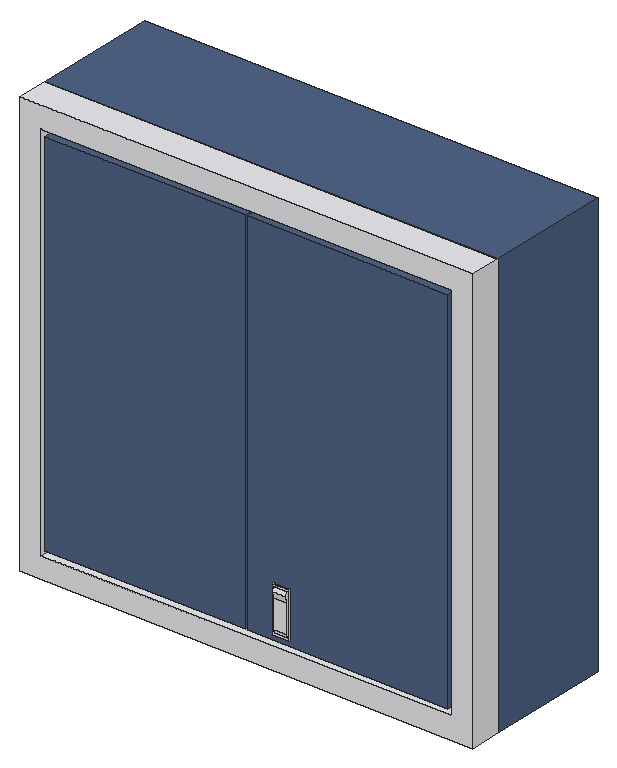
Revit family "Cabinet_Overhead-Wall_Cabinet_Moduline", category Furniture, Revit 2024
Family settings
  OmniClass Number = 23.40.20.00
  OmniClass Title = General Furniture and Specialties
  Work Plane-Based = No
  Enable Cutting in Views = No
  Always vertical = Yes
  Cut with Voids When Loaded = No
  Render Appearance Source = Family Geometry
  Shared = No
  Room Calculation Point = No
Parameters (values of type "30"H x 11"D x 32"W")
  Width = 32.000"
  URL = "https://modulinecabinets.com"
  Product Page URL = "https://www.arcat.com/company/moduline-aluminum-cabinets-54175"
  Model = "Pro II Overhead Wall Cabinets"
  Manufacturer = "Moduline Aluminum Cabinets"
  Light Shields Material [instance] = Aluminum - Moduline Aluminum Cabinets - Clear Anodized
  Light Shields [instance] = no
  Keynote = "12 35 00"
  Height = 30.000"
  Frame Material [instance] = Aluminum - Moduline Aluminum Cabinets - Clear Anodized
  Door Clearance = Width / 2  # 16.000"
  Description = "Modular Overhead Wall Cabinet, Double Door, 30\" Height x 11\" Depth x 32\" Width"
  Depth = 11.000"
  Default Elevation = 0.000"
  Copyright = "ARCAT"
  Cabinet Material [instance] = Aluminum - Moduline Aluminum Cabinets - Moduline Blue
Types (30): name | Width | Height | Door Clearance | Description | Depth
  18"H x 11"D x 30"W | 30.000" | 18.000" | 15.000" | "Modular Overhead Wall Cabinet, Double Door, 18\" Height x 11\" Depth x 30\" Width" | 11.000"
  18"H x 11"D x 32"W | 32.000" | 18.000" | 16.000" | "Modular Overhead Wall Cabinet, Double Door, 18\" Height x 11\" Depth x 32\" Width" | 11.000"
  18"H x 11"D x 36"W | 36.000" | 18.000" | 18.000" | "Modular Overhead Wall Cabinet, Double Door, 18\" Height x 11\" Depth x 36\" Width" | 11.000"
  18"H x 15"D x 30"W | 30.000" | 18.000" | 15.000" | "Modular Overhead Wall Cabinet, Double Door, 18\" Height x 15\" Depth x 30\" Width" | 15.000"
  18"H x 15"D x 32"W | 32.000" | 18.000" | 16.000" | "Modular Overhead Wall Cabinet, Double Door, 18\" Height x 15\" Depth x 32\" Width" | 15.000"
  18"H x 15"D x 36"W | 36.000" | 18.000" | 18.000" | "Modular Overhead Wall Cabinet, Double Door, 18\" Height x 15\" Depth x 36\" Width" | 15.000"
  18"H x 24"D x 30"W | 30.000" | 18.000" | 15.000" | "Modular Overhead Wall Cabinet, Double Door, 18\" Height x 24\" Depth x 30\" Width" | 24.000"
  18"H x 24"D x 32"W | 32.000" | 18.000" | 16.000" | "Modular Overhead Wall Cabinet, Double Door, 18\" Height x 24\" Depth x 32\" Width" | 24.000"
  18"H x 24"D x 36"W | 36.000" | 18.000" | 18.000" | "Modular Overhead Wall Cabinet, Double Door, 18\" Height x 24\" Depth x 36\" Width" | 24.000"
  24"H x 11"D x 30"W | 30.000" | 24.000" | 15.000" | "Modular Overhead Wall Cabinet, Double Door, 24\" Height x 11\" Depth x 30\" Width" | 11.000"
  24"H x 11"D x 32"W | 32.000" | 24.000" | 16.000" | "Modular Overhead Wall Cabinet, Double Door, 24\" Height x 11\" Depth x 32\" Width" | 11.000"
  24"H x 11"D x 36"W | 36.000" | 24.000" | 18.000" | "Modular Overhead Wall Cabinet, Double Door, 24\" Height x 11\" Depth x 36\" Width" | 11.000"
  24"H x 15"D x 30"W | 30.000" | 24.000" | 15.000" | "Modular Overhead Wall Cabinet, Double Door, 24\" Height x 15\" Depth x 30\" Width" | 15.000"
  24"H x 15"D x 32"W | 32.000" | 24.000" | 16.000" | "Modular Overhead Wall Cabinet, Double Door, 24\" Height x 15\" Depth x 32\" Width" | 15.000"
  24"H x 15"D x 36"W | 36.000" | 24.000" | 18.000" | "Modular Overhead Wall Cabinet, Double Door, 24\" Height x 15\" Depth x 36\" Width" | 15.000"
  24"H x 24"D x 30"W | 30.000" | 24.000" | 15.000" | "Modular Overhead Wall Cabinet, Double Door, 24\" Height x 24\" Depth x 30\" Width" | 24.000"
  24"H x 24"D x 32"W | 32.000" | 24.000" | 16.000" | "Modular Overhead Wall Cabinet, Double Door, 24\" Height x 24\" Depth x 32\" Width" | 24.000"
  24"H x 24"D x 36"W | 36.000" | 24.000" | 18.000" | "Modular Overhead Wall Cabinet, Double Door, 24\" Height x 24\" Depth x 36\" Width" | 24.000"
  30"H x 11"D x 30"W | 30.000" | 30.000" | 15.000" | "Modular Overhead Wall Cabinet, Double Door, 30\" Height x 11\" Depth x 30\" Width" | 11.000"
  30"H x 11"D x 32"W | 32.000" | 30.000" | 16.000" | "Modular Overhead Wall Cabinet, Double Door, 30\" Height x 11\" Depth x 32\" Width" | 11.000"
  30"H x 11"D x 36"W | 36.000" | 30.000" | 18.000" | "Modular Overhead Wall Cabinet, Double Door, 30\" Height x 11\" Depth x 36\" Width" | 11.000"
  30"H x 15"D x 30"W | 30.000" | 30.000" | 15.000" | "Modular Overhead Wall Cabinet, Double Door, 30\" Height x 15\" Depth x 30\" Width" | 15.000"
  30"H x 15"D x 32"W | 32.000" | 30.000" | 16.000" | "Modular Overhead Wall Cabinet, Double Door, 30\" Height x 15\" Depth x 32\" Width" | 15.000"
  30"H x 15"D x 36"W | 36.000" | 30.000" | 18.000" | "Modular Overhead Wall Cabinet, Double Door, 30\" Height x 15\" Depth x 36\" Width" | 15.000"
  36"H x 11"D x 30"W | 30.000" | 36.000" | 15.000" | "Modular Overhead Wall Cabinet, Double Door, 36\" Height x 11\" Depth x 30\" Width" | 11.000"
  36"H x 11"D x 32"W | 32.000" | 36.000" | 16.000" | "Modular Overhead Wall Cabinet, Double Door, 36\" Height x 11\" Depth x 32\" Width" | 11.000"
  36"H x 11"D x 36"W | 36.000" | 36.000" | 18.000" | "Modular Overhead Wall Cabinet, Double Door, 36\" Height x 11\" Depth x 36\" Width" | 11.000"
  36"H x 15"D x 30"W | 30.000" | 36.000" | 15.000" | "Modular Overhead Wall Cabinet, Double Door, 36\" Height x 15\" Depth x 30\" Width" | 15.000"
  36"H x 15"D x 32"W | 32.000" | 36.000" | 16.000" | "Modular Overhead Wall Cabinet, Double Door, 36\" Height x 15\" Depth x 32\" Width" | 15.000"
  36"H x 15"D x 36"W | 36.000" | 36.000" | 18.000" | "Modular Overhead Wall Cabinet, Double Door, 36\" Height x 15\" Depth x 36\" Width" | 15.000"
Reference planes (in)
  plane 1 "Center Front/Back": y = 0
  plane 2 "Bottom": z = 0
  plane 3 "Center Left/Right": x = 0
  plane 4 "Top": z = 30
  plane 5 "Left": x = -16
  plane 6 "Right": x = 16
  plane 7 "Front": y = -11
  plane 8 "Frame Back": y = -8.81448
  plane 9 "LED Lighting": z = -2.39992
Forms (in)
  Extrusion 1, solid, material "Aluminum - Moduline Aluminum Cabinets - Moduline Blue" <- "Cabinet Material"
    sketch origin (0, 0, 0) x (0, 1, 0) y (0, 0, 1)
      loop
        line (-8.81448, 30) -> (-8.81448, 0) -> (0, 0) -> (0, 30) -> (-8.81448, 30)
    from -16 to 16
  Extrusion 2, solid, material "Aluminum - Moduline Aluminum Cabinets - Clear Anodized" <- "Frame Material"
    sketch origin (0, 0, 0) x (1, 0, 0) y (0, 0, 1)
      loop
        line (-16, 30) -> (-16, 0) -> (16, 0) -> (16, 30) -> (-16, 30)
      loop
        line (-14.5, 28.5) -> (-14.5, 1.5) -> (14.5, 1.5) -> (14.5, 28.5) -> (-14.5, 28.5)
    from 8.81448 to 11
  Extrusion 3, solid, material "Aluminum - Moduline Aluminum Cabinets - Moduline Blue" <- "Cabinet Material"
    sketch origin (0, 0, 0) x (1, 0, 0) y (0, 0, 1)
      loop
        line (-14.25306, 28.1) -> (-14.25306, 1.9) -> (-0.06202, 1.9) -> (-0.06202, 28.1) -> (-14.25306, 28.1)
      loop
        line (14.25306, 1.9) -> (14.25306, 28.1) -> (0.06202, 28.1) -> (0.06202, 1.9) -> (14.25306, 1.9)
    from 8.81448 to 11
  Extrusion 4, solid, material "Aluminum - Moduline Aluminum Cabinets - Clear Anodized" <- "Frame Material", visible <- "Light Shields"
    sketch origin (0, 0, 0) x (0, 1, 0) y (0, 0, 1)
      loop
        line (-9.06684, -2.32072) -> (-9.54402, -2.32072) -> (-10.91104, -0.95369) -> (-10.91104, -0.07265) -> (-8.98907, -0.07265) -> (-8.98907, 0) -> (-11, 0) -> (-11, -0.98779) -> (-9.58787, -2.39992) -> (-9.06684, -2.39992) -> (-9.06684, -2.32072)
    from -15.85245 to 15.90065
  Extrusion 5, solid, material "Aluminum - Moduline Aluminum Cabinets - Clear Anodized" <- "Frame Material", visible <- "Light Shields"
    sketch origin (0, 0, 0) x (0, 1, 0) y (0, 0, 1)
      loop
        line (0, 0) -> (-11, 0) -> (-11, -0.98779) -> (-9.58787, -2.39992) -> (0, -2.39992) -> (0, 0)
    from 15.90065 to 16
  Extrusion 6, solid, material "Aluminum - Moduline Aluminum Cabinets - Clear Anodized" <- "Frame Material", visible <- "Light Shields"
    sketch origin (0, 0, 0) x (0, 1, 0) y (0, 0, -1)
      loop
        line (0, 0) -> (0, 2.39992) -> (-9.58787, 2.39992) -> (-11, 0.98779) -> (-11, 0) -> (0, 0)
    from 15.85245 to 16
Cuts and joins
  joined: Extrusion 1, Extrusion 3
  joined: Extrusion 4, Extrusion 5, Extrusion 6
Lines and regions (in)
  Masking region 1
    outline origin (0, 0, 0) x (1, 0, 0) y (0, 1, 0)
      loop
        line (-16, 0) -> (-16, -11) -> (16, -11) -> (16, 0) -> (-16, 0)
  model lines
    curve 1: line (16, 0, 29.4635) -> (16, 0, 29.63232)
  symbolic lines, style "FurnitureHiddenLines"
    curve 2: line (-16, -11, 30) -> (-16, -27, 30)
    curve 3: line (16, -27, 30) -> (16, -11, 30)
    curve 4: arc (-16, -27, 30) -> (-4.68629, -22.31371, 30) -> (0, -11, 30) r 16
    curve 5: arc (0, -11, 30) -> (4.68629, -22.31371, 30) -> (16, -27, 30) r 16
Dimensions and locks (in)
  "Width": plane 6 "Right" to plane 5 "Left"
  equal spacing: plane 6 "Right", plane 3 "Center Left/Right", plane 5 "Left"
  plane 7 "Front" to Extrusion 1 sketch curve = 2.18552"
  plane 8 "Frame Back" to plane 7 "Front" = 2.18552"
  locked: Extrusion 1 to Extrusion 2 sketch curve at 1.5  (x2)
  plane 4 "Top" to Extrusion 3 sketch curve = 1.900"  (x2)
  equal spacing: Extrusion 3 sketch curve, plane 3 "Center Left/Right", Extrusion 3 sketch curve
  equal spacing: plane 6 "Right", Extrusion 3 sketch curve, plane 3 "Center Left/Right", Extrusion 3 sketch curve, plane 5 "Left"
  "Depth": plane 7 "Front" to plane 1 "Center Front/Back"
  "Door Clearance": plane 7 "Front" to curve 4
  "Height": plane 4 "Top" to plane 2 "Bottom"
  Extrusion 2 sketch curve to plane 2 "Bottom" = 1.500"
  nested 1 to plane 3 "Center Left/Right" = 2.500"
  plane 2 "Bottom" to plane 9 "LED Lighting" = 2.39992"
  locked: plane 6 "Right" to Extrusion 4 at 0.09935
  locked: Extrusion 6 to plane 5 "Left" at 0.14755
  locked: cut or joined group of Extrusion 4, Extrusion 5, Extrusion 6 to plane 5 "Left" at 0.14755
  locked: cut or joined group of Extrusion 4, Extrusion 5, Extrusion 6 to plane 6 "Right" at 0.09935
  Extrusion 3 sketch curve to plane 2 "Bottom" = 1.900"
  aligned and locked: level to plane 2 "Bottom"
  aligned and locked: plane 1 "Center Front/Back" to Extrusion 1 sketch curve
  aligned and locked: Extrusion 1 sketch curve to plane 4 "Top"
  aligned and locked: plane 6 "Right" to Extrusion 1
  aligned and locked: Extrusion 1 to plane 5 "Left"
  aligned and locked: Extrusion 2 sketch curve to plane 4 "Top"
  aligned and locked: plane 5 "Left" to Extrusion 2 sketch curve
  aligned and locked: Extrusion 2 sketch curve to plane 6 "Right"
  aligned and locked: Extrusion 2 to plane 7 "Front"
  aligned and locked: plane 8 "Frame Back" to Extrusion 2
  aligned and locked: plane 8 "Frame Back" to Extrusion 3
  aligned and locked: Extrusion 3 to plane 7 "Front"
  aligned and locked: Masking region 1 sketch curve to plane 6 "Right"
  aligned and locked: plane 1 "Center Front/Back" to Masking region 1 sketch curve
  aligned and locked: plane 5 "Left" to Masking region 1 sketch curve
  aligned and locked: plane 7 "Front" to Masking region 1 sketch curve
  aligned and locked: plane 2 "Bottom" to Extrusion 2 sketch curve
  aligned and locked: Extrusion 1 sketch curve to plane 2 "Bottom"
  aligned and locked: plane 9 "LED Lighting" to Extrusion 4 sketch curve
  aligned and locked: plane 7 "Front" to Extrusion 4 sketch curve
  aligned and locked: Extrusion 4 sketch curve to plane 2 "Bottom"
  aligned and locked: plane 9 "LED Lighting" to Extrusion 5 sketch curve
  aligned and locked: Extrusion 5 sketch curve to plane 2 "Bottom"
  aligned and locked: plane 1 "Center Front/Back" to Extrusion 5 sketch curve
  aligned and locked: Extrusion 5 sketch curve to Extrusion 4
  aligned and locked: plane 6 "Right" to Extrusion 5
  aligned and locked: cut or joined group of Extrusion 4, Extrusion 5, Extrusion 6 to plane 5 "Left"
Automatic sketch dimensions
  curve 1 to plane 6 "Right" = 0.000"
  curve 1 to plane 4 "Top" = 0.5365"
  curve 1 to curve 1 = 0.16882"
  Extrusion 2 sketch curve to plane 6 "Right" = 1.500"
  plane 5 "Left" to Extrusion 3 sketch curve = 1.74694"
  Extrusion 3 sketch curve to plane 3 "Center Left/Right" = 0.06202"
  Extrusion 3 sketch curve to plane 6 "Right" = 1.74694"
  Extrusion 3 sketch curve to Extrusion 3 sketch curve = 0.000"
  plane 7 "Front" to Extrusion 4 sketch curve = 0.08896"
  Extrusion 4 sketch curve to plane 8 "Frame Back" = 0.77338"
  plane 9 "LED Lighting" to Extrusion 4 sketch curve = 0.0792"
  Extrusion 4 sketch curve to Extrusion 4 sketch curve = 0.04385"
  Extrusion 4 sketch curve to plane 8 "Frame Back" = 0.25236"
  Extrusion 4 sketch curve to level = 0.07265"
  Extrusion 4 sketch curve to plane 8 "Frame Back" = 0.17459"
  Extrusion 4 sketch curve to Extrusion 4 sketch curve = 0.91514"
  Extrusion 4 sketch curve to Extrusion 4 sketch curve = 0.0341"
  Extrusion 5 sketch curve to plane 8 "Frame Back" = 0.77338"
  Extrusion 5 sketch curve to level = 0.98779"
  Extrusion 6 sketch curve to plane 7 "Front" = 0.000"
  Extrusion 6 sketch curve to plane 9 "LED Lighting" = 0.000"
  Extrusion 6 sketch curve to plane 1 "Center Front/Back" = 0.000"
  Extrusion 6 sketch curve to level = 0.000"
  Extrusion 6 sketch curve to plane 8 "Frame Back" = 0.77338"
  Extrusion 6 sketch curve to level = 0.98779"
  curve 5 to plane 6 "Right" = 0.000"
  curve 5 to plane 3 "Center Left/Right" = 0.000"
  curve 4 to plane 3 "Center Left/Right" = 0.000"
  curve 2 to plane 5 "Left" = 0.000"
  curve 2 to plane 7 "Front" = 0.000"
  curve 3 to plane 7 "Front" = 0.000"
Nested families (in)
  nested 1: "NEST_Door-Trigger_Latch" at (2.5, -11, 3.90284) x (-1, 0, 0) z (0, -1, 0), Trigger Latch Material <- "Frame Material", type "NEST_Door-Trigger_Latch"
    with Trigger Latch Material Aluminum - Moduline Aluminum Cabinets - Clear Anodized
Definition of nested family "NEST_Door-Trigger_Latch"
  Parameters (values of type "NEST_Door-Trigger_Latch")
    Trigger Latch Material [instance] = none
    Default Elevation = 48.000"
  Reference planes (in)
    plane 1 "Center (Front/Back)": y = 0
    plane 2: z = 0
    plane 3 "Center (Left/Right)": x = 0
  Forms (in)
    Extrusion 1, solid
      sketch origin (0, 0, 0) x (1, 0, 0) y (0, 1, 0)
        loop
          line (-48, 48) -> (-48, -48) -> (48, -48) -> (48, 48) -> (-48, 48)
      from 0 to -12
    Extrusion 2, solid, material <- "Trigger Latch Material"
      sketch origin (0, -0.30873, 0) x (1, 0, 0) y (0, 1, 0)
        loop
          line (-0.57447, 1.93373) -> (-0.57447, -1.31627) -> (0.57447, -1.31627) -> (0.57447, 1.93373) -> (-0.57447, 1.93373)
      from 0 to 0.07286
    Extrusion 3, solid, material <- "Trigger Latch Material"
      sketch origin (0, -0.47429, 0) x (0, 1, 0) y (0, 0, 1)
        loop
          line (-0.98515, 0.07286) -> (1.93373, 0.07286) -> (1.75078, 0.10926) -> (-0.28542, 0.10926) -> (-0.74127, 0.22291) -> (-0.98515, 0.10919) -> (-0.98515, 0.07286)
      from -0.45147 to 0.45147
  Cuts and joins
    joined: Extrusion 2, Extrusion 3
  Dimensions and locks (in)
    equal spacing: Extrusion 2 sketch curve, plane 3 "Center (Left/Right)", Extrusion 2 sketch curve, locked at 0.57447 each
    equal spacing: Extrusion 2 sketch curve, plane 1 "Center (Front/Back)", Extrusion 2 sketch curve, locked at 1.625 each
    aligned and locked: plane 2 to Extrusion 1
    aligned and locked: level to Extrusion 1
